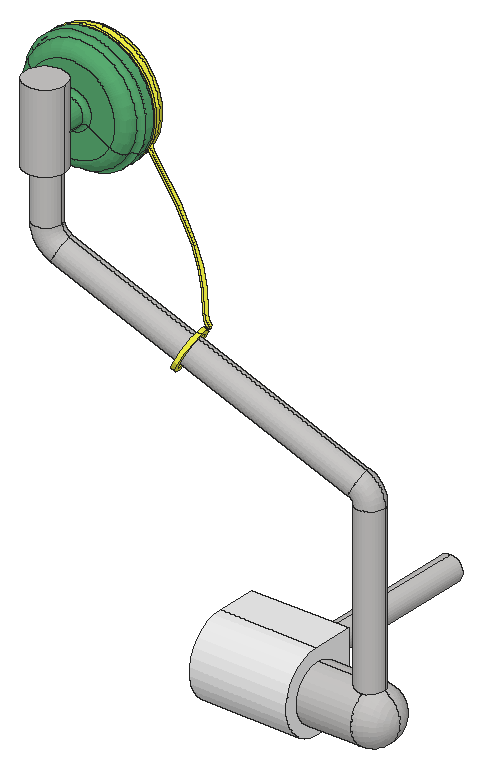
Revit family "Emergency_Equipment-Haws_Corporation-Laboratory_Eye_Face_Wash_7610S", category Plumbing Fixtures, Revit 2016
Family settings
  Part Type = Normal
  Round Connector Dimension = Use Radius
  OmniClass Number = 23.45.05.14.24
  OmniClass Title = Eye Wash Fountains
  Work Plane-Based = No
  Always vertical = Yes
  Cut with Voids When Loaded = No
  Shared = Yes
  Room Calculation Point = No
Parameters (values of type "7610S - Wall Mount")
  Youtube clip = ""
  Weight Net (Kg) = "7"
  Wall Mounted = yes
  Uniformat II Description = ""
  Uniformat II Code = ""
  Uniclass 2015 Name = ""
  Uniclass 2015 Code = ""
  Uniclass 2.0 Description = ""
  Uniclass 2.0 Code = ""
  Uniclass 1.4 Description = ""
  Uniclass 1.4 Code = ""
  UNSPSC Code = ""
  Technical description = "http://www.hawsco.com/downloads/dl/file/id/15376/haws_model_7610_specsheet_pdf.pdf"
  Supply Radius = 1/4"  # constant formula
  Sink - Reference [instance] = yes
  Region South America = "None"
  Region Oceania = "None"
  Region North America = "CA, US"
  Region Middle East = "None"
  Region Europe = "None"
  Region Asia = "None"
  Region Antarctica = "None"
  Region Africa = "None"
  QR code = ""
  Product url = "https://www.hawsco.com/eye-face-wash-pull-down/"
  Product group = "Emergency Equipment - Showers & Eyewashes - Barrier Free Emergency Equipment"
  Product family = "Eye Wash Fountains"
  Product data url = "https://bimobject.com/hawscorporation/product/haws-7610"
  Product certification = "http://www.csagroup.org/services-industries/product-listing/certificate/?103344_C_000-6801-80"
  Product SKU = "haws-7610S"
  Product Page URL = "http://www.hawsco.com/eye-face-wash-pull-down"
  Product Guid = "216d7893-b5c2-4b38-964f-7053b416086d"
  Product Documentation Link = "http://www.hawsco.com/downloads/dl/file/id/14640/haws_model_7610_specsheet_pdf.pdf"
  On Position = no
  OmniClass Description = "Combination Emergency Eye Wash Stations"
  OmniClass Code = "23-29 37 13 15"
  Off Position = not(On Position)  # yes
  Nominal width = 9"
  Nominal height = 14"
  NBS Reference Description = ""
  NBS Reference Code = ""
  Material secondary = ""
  Material main = "Metal"
  Material = ""
  Masterformat 2014 Description = "Eye/Face Wash Equipment"
  Masterformat 2014 Code = "22 45 26"
  Manufacturer name = "Haws Corporation"
  Manufacturer country = "United States"
  Installation instructions = "http://www.hawsco.com/downloads/dl/file/id/422/in7610.pdf"
  IFC Classification = ""
  Flow = 12 GPM
  Waste Connection = no
  WFU = 1
  Vent Connection = no
  URL = "http://www.hawsco.com/"
  Type Comments = "Pull down eye/face wash are installed in accessible sink "  # constant formula
  Lever Wide = 10 1/2"  # constant formula
  Series = "Twin Feather-Flo® heads "  # constant formula
  Eye Head = Metal - Haws Corporation - Green Powder Coating
  Model = "7610"  # constant formula
  Manufacturer = "Haws Corporation 1455 Kleppe Lane Sparks, NV 89431"  # constant formula
  Keynote = "15400"
  HWFU = 1
  HW Connection = yes
  Edition number = 1
  EAN code = "https://611970347691"
  Design country = "United States"
  Description = "Extended-length pull down arms are designed to accommodate wheel chair access"  # constant formula
  Deck Mounted = no
  Date of publishing = "6/4/2019"
  Cost Note = "For Cost information please visit the Resource tab in the Product Page URL"  # constant formula
  Cost = 0
  CWFU = 1
  Head Height = 4"  # constant formula
  Goose neck Clearance = 6"  # constant formula
  CW Connection = yes
  COBIe Type Category = ""
  Brand url = "https://www.hawsco.com"
  BIMobject main category code = "sanitary"
  BIMobject main category = "Sanitary"
  BIMobject category code = "sanitary-sanitary-other"
  BIMobject category = "Other"
  Assembly Code = "D2010610"
Types (2): name | Wall Mounted | Deck Mounted
  7610S - Wall Mount | yes | no
  7610S - Deck Mount | no | yes
Reference planes (in)
  plane 1 "Center (Front/Back)": y = 0
  plane 2 "Sink Bottom": z = 22.25
  plane 3 "Center (Left/Right)": x = 0
  plane 4 "Sink top": z = 30
  plane 5 "Goose Neck": y = -5.56607
  plane 6 "Eye Head": y = -19.31641
  plane 7 "Rotation": z = 30.983
  plane 8 "Arm": x = 10.48903
  plane 9 "Head Center": x = 4.49147
  plane 10 "Left": x = -12
  plane 11 "Right": x = 12.07538
  plane 12 "Sink Back": y = -4.27871
  plane 13 "Sink Front": y = -24.3541
Forms (in)
  Revolve 1, solid, material "Metal - Haws Corporation - High Polished Stainless Steel", detail levels medium+fine
    sketch origin (0, -5.56607, -0.30197) x (0, 0, -1) y (1, 0, 0)
      loop
        line (-31.98416, 10.57801) -> (-31.98416, 9.15041) -> (-31.28497, 9.15041) -> (-31.28497, 11.2772)
        arc (-31.28497, 11.2772) -> (-31.77937, 11.07241) -> (-31.98416, 10.57801) r 0.69918
      axis (-31.28497, 11.2772) -> (-31.28497, 9.15041)
    angle from 0 to 360
  Revolve 2, solid, material "Metal - Haws Corporation - Galvanized Steel", visible <- "Deck Mounted", detail levels fine
    sketch origin (0, -5.56607, 0) x (0, 0, -1) y (1, 0, 0)
      loop
        line (-30, 7.92254) -> (-25.2314, 7.92254) -> (-25.2314, 8.23504) -> (-29.66262, 8.23504) -> (-29.66262, 8.79754) -> (-29.79937, 8.79754) -> (-29.79937, 8.26629) -> (-30, 8.26629) -> (-30, 7.92254)
      axis (-30, 7.92254) -> (-25.2314, 7.92254)
    angle from 0 to 360
  Extrusion 3, solid, material "Metal - Haws Corporation - Polished Chrome", visible <- "Deck Mounted"
    sketch origin (0, 0, 0) x (0, 1, 0) y (0, 0, 1)
      loop
        line (-4.56607, 30) -> (-4.56607, 31)
        arc (-4.56607, 31) -> (-5.56607, 32) -> (-6.56607, 31) r 1
        line (-6.56607, 31) -> (-6.56607, 30) -> (-4.56607, 30)
    from 6.67913 to 9.15041
  Extrusion 4, solid, material "Metal - Haws Corporation - Polished Chrome", visible <- "Wall Mounted"
    sketch origin (0, 0, 0) x (0, 1, 0) y (0, 0, 1)
      loop
        line (-4.56607, 32) -> (-5.56607, 32)
        arc (-5.56607, 32) -> (-6.56607, 31) -> (-5.56607, 30) r 1
        line (-5.56607, 30) -> (-4.56607, 30) -> (-4.56607, 32)
    from 6.67913 to 9.15041
  Revolve 5, solid, material "Metal - Haws Corporation - Galvanized Steel", visible <- "Wall Mounted", detail levels fine
    sketch origin (7.9467, 25.43405, 38.78824) x (0, 1, 0) y (0, 0, -1)
      loop
        line (-30, 7.92254) -> (-25.2314, 7.92254) -> (-25.2314, 8.23504) -> (-29.66262, 8.23504) -> (-29.66262, 8.79754) -> (-29.79937, 8.79754) -> (-29.79937, 8.26629) -> (-30, 8.26629) -> (-30, 7.92254)
      axis (-30, 7.92254) -> (-25.2314, 7.92254)
    angle from 0 to 360
Lines and regions (in)
  Masking region 1, visible <- "Sink - Reference", detail levels medium+fine
    outline origin (0, 0, 0) x (1, 0, 0) y (0, 1, 0)
      loop
        line (1.6575, -4.79107) -> (-1.6575, -4.79107) -> (-1.6575, -6.34107) -> (1.6575, -6.34107) -> (1.6575, -4.79107)
  Masking region 2, visible <- "Sink - Reference", detail levels fine
    outline origin (0, 0, 0) x (1, 0, 0) y (0, 1, 0)
      loop
        line (-0.3125, -6.34107) -> (-0.3125, -11.56607)
        arc (-0.3125, -11.56607) -> (0, -11.87857) -> (0.3125, -11.56607) r 0.3125
        line (0.3125, -11.56607) -> (0.3125, -6.34107) -> (-0.3125, -6.34107)
  Masking region 3
    outline origin (0, 0, 0) x (1, 0, 0) y (0, 1, 0)
      loop
        line (9.15041, -4.56607) -> (6.67913, -4.56607) -> (6.67913, -6.56607) -> (9.15041, -6.56607) -> (9.15041, -4.56607)
  Masking region 4
    outline origin (0, 0, 0) x (1, 0, 0) y (0, 1, 0)
      loop
        line (9.15041, -4.86688) -> (9.15041, -6.26525) -> (10.58802, -6.26525)
        arc (10.58802, -6.26525) -> (11.28721, -5.56607) -> (10.58802, -4.86688) r 0.69918
        line (10.58802, -4.86688) -> (9.15041, -4.86688)
  Masking region 5, visible <- "On Position", detail levels fine
    outline origin (0, 0, 0) x (1, 0, 0) y (0, 1, 0)
      loop
        arc (10.16406, -10.13807) -> (10.09793, -10.38658) -> (9.91704, -10.56935) r 0.5
        line (9.91704, -10.56935) -> (3.67545, -14.23041)
        arc (3.67545, -14.23041) -> (3.31366, -14.59596) -> (3.1814, -15.09297) r 1
        line (3.1814, -15.09297) -> (3.1814, -15.84361)
        arc (3.1814, -15.84361) -> (3.5256, -18.83001) -> (3.86981, -15.84361) r 1.51304
        line (3.86981, -15.84361) -> (3.86981, -15.1291)
        arc (3.86981, -15.1291) -> (3.90287, -15.00485) -> (3.99332, -14.91346) r 0.25
        line (3.99332, -14.91346) -> (10.2312, -11.25457)
        arc (10.2312, -11.25457) -> (10.68345, -10.79764) -> (10.84877, -10.17637) r 1.25
        line (10.84877, -10.17637) -> (10.84877, -6.21481)
        arc (10.84877, -6.21481) -> (10.72082, -6.25253) -> (10.58802, -6.26525) r 0.69918
        line (10.58802, -6.26525) -> (10.16406, -6.26525) -> (10.16406, -10.13807)
  Masking region 6, visible <- "Off Position", detail levels medium+fine
    outline origin (0, 0, 0) x (1, 0, 0) y (0, 1, 0)
      loop
        arc (10.16406, -10.13807) -> (10.09793, -10.38658) -> (9.91704, -10.56935) r 0.5
        line (9.91704, -10.56935) -> (3.67545, -14.23041)
        arc (3.67545, -14.23041) -> (3.31366, -14.59596) -> (3.1814, -15.09297) r 1
        line (3.1814, -15.09297) -> (3.1814, -15.84361)
        arc (3.1814, -15.84361) -> (3.5256, -18.79125) -> (3.86981, -15.84361) r 1.49391
        line (3.86981, -15.84361) -> (3.86981, -15.1291)
        arc (3.86981, -15.1291) -> (3.90287, -15.00485) -> (3.99332, -14.91346) r 0.25
        line (3.99332, -14.91346) -> (10.2312, -11.25457)
        arc (10.2312, -11.25457) -> (10.68345, -10.79764) -> (10.84877, -10.17637) r 1.25
        line (10.84877, -10.17637) -> (10.84877, -6.21481)
        arc (10.84877, -6.21481) -> (10.72082, -6.25253) -> (10.58802, -6.26525) r 0.69918
        line (10.58802, -6.26525) -> (10.16406, -6.26525) -> (10.16406, -10.13807)
  symbolic lines, style "PlumbingFixturesHiddenLines", visible <- "Sink - Reference", detail levels coarse
    curve 1: circle (0, -5.56607, 0) r 0.53 normal (0, 0, 1)
  symbolic lines, style "PlumbingFixturesHiddenLines", visible <- "Sink - Reference", detail levels medium+fine
    curve 2: arc (-9.01238, -9.34158, 0) -> (-8.40239, -7.86891, 0) -> (-6.92972, -7.25892, 0) r 2.08266
    curve 3: arc (9.07488, -9.34158, 0) -> (8.46489, -7.86891, 0) -> (6.99222, -7.25892, 0) r 2.08266
    curve 4: line (6.99222, -7.25892, 0) -> (-6.92972, -7.25892, 0)
    curve 5: arc (-9.01238, -20.2959, 0) -> (-8.40239, -21.76857, 0) -> (-6.92972, -22.37857, 0) r 2.08266
    curve 6: arc (9.07488, -20.2959, 0) -> (8.46489, -21.76857, 0) -> (6.99222, -22.37857, 0) r 2.08266
    curve 7: line (-9.01238, -9.34158, 0) -> (-9.01238, -20.2959, 0)
    curve 8: line (-6.92972, -22.37857, 0) -> (6.99222, -22.37857, 0)
    curve 9: line (9.07488, -20.2959, 0) -> (9.07488, -9.34158, 0)
  symbolic lines, style "PlumbingFixturesHiddenLines", visible <- "Sink - Reference", detail levels fine
    curve 10: circle (0.02714, -15.27759, 0) r 1 normal (0, 0, 1)
  symbolic lines, style "Symbolic line", visible <- "Off Position", detail levels medium+fine
    curve 11: line (3.13288, -6.85994, 0) -> (3.13288, -6.4778, 0)
    curve 12: arc (3.13288, -6.4778, 0) -> (3.08638, -6.40069, 0) -> (3.00238, -6.36829, 0) r 0.13891
    curve 13: line (3.00238, -6.36829, 0) -> (2.37376, -6.36829, 0)
    curve 14: arc (2.37376, -6.36829, 0) -> (2.16041, -6.27992, 0) -> (2.07203, -6.06657, 0) r 0.30173
    curve 15: arc (2.07203, -6.06657, 0) -> (2.03457, -5.9724, 0) -> (1.94267, -5.92968, 0) r 0.13711
    curve 18: line (3.86234, -6.60766, 0) -> (3.86234, -6.4778, 0)
    curve 19: arc (3.86234, -6.4778, 0) -> (3.90883, -6.40069, 0) -> (3.99284, -6.36829, 0) r 0.13891
    curve 20: line (3.99284, -6.36829, 0) -> (4.62145, -6.36829, 0)
    curve 21: arc (4.62145, -6.36829, 0) -> (4.83481, -6.27992, 0) -> (4.92318, -6.06657, 0) r 0.30173
    curve 22: arc (4.92318, -6.06657, 0) -> (4.96064, -5.9724, 0) -> (5.05254, -5.92968, 0) r 0.13711
    curve 23: line (5.05254, -5.92968, 0) -> (5.05254, -5.58608, 0)
    curve 24: line (5.02186, -5.58608, 0) -> (5.05254, -5.58608, 0)
    curve 25: circle (3.47561, -7.20201, 0) r 0.49979 normal (0, 0, 1)
    curve 28: arc (1.97335, -5.42505, 0) -> (2.02164, -5.314, 0) -> (2.13579, -5.27358, 0) r 0.15184
    curve 29: line (2.13579, -5.27358, 0) -> (3.49761, -5.00887, 0)
    curve 30: line (5.02186, -5.58608, 0) -> (5.02186, -5.42505, 0)
    curve 31: arc (5.02186, -5.42505, 0) -> (4.97357, -5.314, 0) -> (4.85943, -5.27358, 0) r 0.15184
    curve 32: line (4.85943, -5.27358, 0) -> (3.49761, -5.00887, 0)
  symbolic lines, style "Symbolic line", visible <- "Sink - Reference", detail levels medium+fine
    curve 16: line (1.94267, -5.92968, 0) -> (1.94267, -5.58608, 0)
    curve 17: line (1.97335, -5.58608, 0) -> (1.94267, -5.58608, 0)
    curve 27: line (1.97335, -5.58608, 0) -> (1.97335, -5.42505, 0)
  symbolic lines, style "Symbolic line", visible <- "Off Position", detail levels fine
    curve 26: line (3.47227, -6.70223, 0) -> (10.51323, -4.99509, 0)
    curve 33: line (3.70154, -7.64782, 0) -> (10.7425, -5.94068, 0)
  symbolic lines, style "PlumbingFixturesHiddenLines", visible <- "On Position", detail levels medium+fine
    curve 34: line (3.13288, -6.85994, 0) -> (3.13288, -6.4778, 0)
    curve 35: arc (3.13288, -6.4778, 0) -> (3.08638, -6.40069, 0) -> (3.00238, -6.36829, 0) r 0.13891
    curve 36: line (3.00238, -6.36829, 0) -> (2.37376, -6.36829, 0)
    curve 37: arc (2.37376, -6.36829, 0) -> (2.16041, -6.27992, 0) -> (2.07203, -6.06657, 0) r 0.30173
    curve 38: arc (2.07203, -6.06657, 0) -> (2.03457, -5.9724, 0) -> (1.94267, -5.92968, 0) r 0.13711
    curve 39: line (1.94267, -5.92968, 0) -> (1.94267, -5.58608, 0)
    curve 40: line (1.97335, -5.58608, 0) -> (1.94267, -5.58608, 0)
    curve 41: line (3.86234, -6.60766, 0) -> (3.86234, -6.4778, 0)
    curve 42: arc (3.86234, -6.4778, 0) -> (3.90883, -6.40069, 0) -> (3.99284, -6.36829, 0) r 0.13891
    curve 43: line (3.99284, -6.36829, 0) -> (4.62145, -6.36829, 0)
    curve 44: arc (4.62145, -6.36829, 0) -> (4.83481, -6.27992, 0) -> (4.92318, -6.06657, 0) r 0.30173
    curve 45: arc (4.92318, -6.06657, 0) -> (4.96064, -5.9724, 0) -> (5.05254, -5.92968, 0) r 0.13711
    curve 46: line (5.05254, -5.92968, 0) -> (5.05254, -5.58608, 0)
    curve 47: line (5.02186, -5.58608, 0) -> (5.05254, -5.58608, 0)
    curve 48: circle (3.47561, -7.20201, 0) r 0.49979 normal (0, 0, 1)
    curve 49: line (3.47227, -6.70223, 0) -> (10.51323, -4.99509, 0)
    curve 50: line (1.97335, -5.58608, 0) -> (1.97335, -5.42505, 0)
    curve 51: arc (1.97335, -5.42505, 0) -> (2.02164, -5.314, 0) -> (2.13579, -5.27358, 0) r 0.15184
    curve 52: line (2.13579, -5.27358, 0) -> (3.49761, -5.00887, 0)
    curve 53: line (5.02186, -5.58608, 0) -> (5.02186, -5.42505, 0)
    curve 54: arc (5.02186, -5.42505, 0) -> (4.97357, -5.314, 0) -> (4.85943, -5.27358, 0) r 0.15184
    curve 55: line (4.85943, -5.27358, 0) -> (3.49761, -5.00887, 0)
    curve 56: line (3.70154, -7.64782, 0) -> (10.7425, -5.94068, 0)
  symbolic lines, style "Syphon", visible <- "Off Position", detail levels medium+fine
    curve 57: line (1.94267, -5.92968, 0) -> (1.94267, -5.58608, 0)
    curve 58: line (1.97335, -5.58608, 0) -> (1.94267, -5.58608, 0)
    curve 59: line (1.97335, -5.58608, 0) -> (1.97335, -5.42505, 0)
    curve 63: line (3.86234, -6.60766, 0) -> (3.86234, -6.4778, 0)
    curve 64: line (3.47227, -6.70223, 0) -> (10.51323, -4.99509, 0)
    curve 65: line (3.70154, -7.64782, 0) -> (10.7425, -5.94068, 0)
  symbolic lines, style "PlumbingFixturesHiddenLines", detail levels fine
    curve 60: circle (3.51323, -17.26661, 0) r 5 normal (0, 0, 1)
  symbolic lines, style "Symbolic line"
    curve 61: line (7.9467, -5.06607, 0) -> (7.9467, -6.14161, 0)
    curve 62: line (7.33069, -5.56607, 0) -> (8.58069, -5.56607, 0)
  symbolic lines, style "PlumbingFixturesHiddenLines", visible <- "On Position", detail levels fine
    curve 66: arc (10.51323, -4.99509, 0) -> (11.10066, -5.35325, 0) -> (10.7425, -5.94068, 0) r 0.48649
  symbolic lines, style "Syphon", visible <- "Off Position", detail levels fine
    curve 67: arc (10.51323, -4.99509, 0) -> (11.10066, -5.35325, 0) -> (10.7425, -5.94068, 0) r 0.48649
Dimensions and locks (in)
  plane 2 "Sink Bottom" to Revolve 1 sketch curve to Revolve 1 sketch curve to Revolve 1 sketch curve to Revolve 1 sketch curve = 8.733" locked, 0" locked, 0.69918" locked, 0" locked
  Revolve 1 sketch curve to Revolve 1 sketch curve to Revolve 1 sketch curve to Revolve 1 sketch curve to plane 3 "Center (Left/Right)" = 0.69918" locked, 1.42761" locked, 0" locked, 9.15041" locked
  locked: plane 9 "Head Center" to Revolve 1 sketch curve at 4.65893
  plane 2 "Sink Bottom" to Revolve 1 sketch curve to Revolve 1 sketch curve = 9.43219" locked, 0" locked
  level to Revolve 1 sketch curve to Revolve 1 sketch curve to Revolve 1 sketch curve = 30.983" locked, 0" locked, 0" locked
  plane 2 "Sink Bottom" to Revolve 2 sketch curve to Revolve 2 sketch curve to Revolve 2 sketch curve to Revolve 2 sketch curve = 2.9814" locked, 0" locked, 4.7686" locked, 0" locked
  Revolve 2 sketch curve to Revolve 2 sketch curve to Revolve 2 sketch curve to plane 3 "Center (Left/Right)" = 0" locked, 0" locked, 7.92254" locked
  Revolve 2 sketch curve to plane 7 "Rotation" to Revolve 2 sketch curve = 5.75161" locked, 2.267" locked
  plane 9 "Head Center" to Revolve 2 sketch curve to Revolve 2 sketch curve = 3.43107" locked, 0" locked
  Revolve 2 sketch curve to Revolve 2 sketch curve to Revolve 2 sketch curve to Revolve 2 sketch curve to Revolve 2 sketch curve to plane 3 "Center (Left/Right)" = 0" locked, 17/32" locked, 1/32" locked, 0" locked, 8.23504" locked
  plane 9 "Head Center" to Revolve 2 sketch curve to Revolve 2 sketch curve to Revolve 2 sketch curve to Revolve 2 sketch curve to Revolve 2 sketch curve = 3.43107" locked, 0" locked, 0" locked, 0" locked, 5/16" locked
  plane 11 "Right" to plane 3 "Center (Left/Right)" to plane 10 "Left" = 12.07538" locked, 12" locked
  plane 13 "Sink Front" to plane 12 "Sink Back" to plane 1 "Center (Front/Back)" = 20.07538" locked, 4.27871" locked
  locked: nested 1 to plane 13 "Sink Front" at 12
  locked: plane 7 "Rotation" to level at 30.983
  locked: plane 4 "Sink top" to level at 30
  locked: plane 2 "Sink Bottom" to level at 22.25
  Revolve 5 sketch curve to Revolve 5 sketch curve to Revolve 5 sketch curve to Revolve 5 sketch curve = 0" locked, 4.7686" locked, 0" locked
  Revolve 5 sketch curve to Revolve 5 sketch curve to Revolve 5 sketch curve = 0" locked, 0" locked
  Revolve 5 sketch curve to Revolve 5 sketch curve = 8.0186"
  locked: Revolve 5 sketch curve to Revolve 5 sketch curve at 0
  Revolve 5 sketch curve to Revolve 5 sketch curve to Revolve 5 sketch curve to Revolve 5 sketch curve to Revolve 5 sketch curve = 0" locked, 17/32" locked, 1/32" locked, 0" locked
  Revolve 5 sketch curve to Revolve 5 sketch curve to Revolve 5 sketch curve to Revolve 5 sketch curve to Revolve 5 sketch curve = 0" locked, 0" locked, 0" locked, 5/16" locked
  curve 62 to curve 62 = 1 1/4"
  radius of curve 25 = 0.49979"
Nested families (in)
  nested 1: "Notation" at (3.16959, -36.3541, 0) x (-1, 0, 0) z (0, 0, 1), type "Notation", detail levels coarse+medium
  nested 2: "Eye Head Arm-short" at (-0.9887, 1.81449, 1.39887), visible <- "On Position", type "Eye Head Arm-short", detail levels fine
  nested 3: "Eye Head Arm-short" at (-0.9887, -35.11723, 23.63195) x (1, 0, 0) z (0, 1, 0), visible <- "Off Position", type "Eye Head Arm-short", detail levels fine
Connectors (in)
  piping at (10.51383, -6.14161, 30.9403), diameter 0.5, driven by "Flow"
    settings: on nested 2, index 4, connector inside diameter 24", connector length 0", flow factor 0, pipe flow 12 GPM, pressure drop 0.00 psi, fitting loss kfactor 0, connector angle 0.00°, fixture units 0, engagement length 0", angle of deflection 0.00°, flow configuration 0, flow direction 1, fitting loss method 0, system type 20, joint type 0, gender type 0, connector reference index -1, connector utility 0, adjustable connector no, is connector primary yes, connector description "Eye Wash Inlet supply is 1/2\" O.D. slip joint"
Definition of nested family "Eye Head Arm-short"
  Parameters (values of type "Eye Head Arm-short")
    Eye Head = none
    Duct Covers = none
    Default Elevation = 48"
  Reference planes (in)
    plane 1 "Center (Front/Back)": y = 0
    plane 2: z = 0
    plane 3 "Center (Left/Right)": x = 0
    plane 4 "Bottom": z = 27.86986
    plane 5: z = 29.86986
    plane 6 "Center of Tube": z = 29.61986
    plane 7 "Center of Wash": x = 4.50193
    plane 8 "Center of Mount": x = 11.50193
    plane 9: y = -19.0811
    plane 10: y = -16.5811
    plane 11: y = -12.5811
    plane 12: y = -7.9561
  Forms (in)
    Extrusion 1, solid
      sketch origin (0, 0, 0) x (1, 0, 0) y (0, 0, 1)
        loop
          circle (4.47278, 27.9189) r 0.5
      from 18.16584 to 20.15353
    Revolve 2, solid, material <- "Eye Head", detail levels medium+fine
      sketch origin (4.48035, -19.08138, 22.20986) x (-0.87462, -0.48481, 0) y (0, 0, 1)
        loop
          arc (-0.5, 6.54371) -> (-0.41161, 6.5071) -> (-0.375, 6.41871) r 0.125
          line (-0.375, 6.41871) -> (-0.375, 5.66) -> (-0.3125, 5.66) -> (-0.3125, 6.41871)
          arc (-0.3125, 6.41871) -> (-0.36742, 6.55129) -> (-0.5, 6.60621) r 0.1875
          line (-0.5, 6.60621) -> (-1.125, 6.60621)
          arc (-1.125, 6.60621) -> (-1.30178, 6.67944) -> (-1.375, 6.85621) r 0.25
          arc (-1.375, 6.85621) -> (-1.40941, 6.96446) -> (-1.5, 7.03299) r 0.1875
          line (-1.5, 7.03299) -> (-1.5, 7.23121)
          arc (-1.5, 7.23121) -> (-1.53125, 7.26246) -> (-1.5625, 7.23121) r 0.03125
          line (-1.5625, 7.23121) -> (-1.5625, 6.98121)
          arc (-1.5625, 6.98121) -> (-1.47411, 6.9446) -> (-1.4375, 6.85621) r 0.125
          arc (-1.4375, 6.85621) -> (-1.34597, 6.63524) -> (-1.125, 6.54371) r 0.3125
          line (-1.125, 6.54371) -> (-0.5, 6.54371)
        axis (0, 5.66) -> (0, 7.23121)
      angle from 0 to 360
    Revolve 3, solid, material <- "Duct Covers", detail levels fine
      sketch origin (4.48035, -19.08138, 22.20986) x (-0.87462, -0.48481, 0) y (0, 0, 1)
        loop
          line (0, 7.26231) -> (0, 7.32481) -> (-1.46932, 7.32481) -> (-1.46932, 7.48106)
          arc (-1.46932, 7.48106) -> (-1.43998, 7.54918) -> (-1.37033, 7.57466) r 0.09375
          line (-1.37033, 7.57466) -> (-0.39924, 7.76262)
          arc (-0.39924, 7.76262) -> (-0.34866, 7.78253) -> (-0.31763, 7.82717) r 0.09375
          line (-0.31763, 7.82717) -> (0, 7.85893) -> (0, 7.90293)
          arc (0, 7.90293) -> (-0.01368, 7.91529) -> (-0.03182, 7.91856) r 0.03357
          line (-0.03182, 7.91856) -> (-0.34432, 7.88731)
          arc (-0.34432, 7.88731) -> (-0.36641, 7.87816) -> (-0.37557, 7.85606) r 0.03125
          arc (-0.37557, 7.85606) -> (-0.38472, 7.83396) -> (-0.40682, 7.82481) r 0.03125
          line (-0.40682, 7.82481) -> (-1.37557, 7.63731)
          arc (-1.37557, 7.63731) -> (-1.48605, 7.59154) -> (-1.53182, 7.48106) r 0.15625
          line (-1.53182, 7.48106) -> (-1.53182, 7.32481)
          arc (-1.53182, 7.32481) -> (-1.56307, 7.29356) -> (-1.53182, 7.26231) r 0.03125
          line (-1.53182, 7.26231) -> (0, 7.26231)
        axis (0, 7.26231) -> (0, 7.91856)
      angle from 0 to 360
    Extrusion 4, solid, detail levels fine
      sketch origin (5.03606, -19.70564, 22.20986) x (-0.529919, -0.848048, 0) y (0, 0, 1)
        loop
          line (-1.52235, 7.27011) -> (-1.52235, 7.48821)
          arc (-1.52235, 7.48821) -> (-1.56697, 7.38559) -> (-1.67245, 7.34824) r 0.14031
          line (-1.67245, 7.34824) -> (-1.91545, 7.34824)
          arc (-1.91545, 7.34824) -> (-2.81687, 7.40637) -> (-3.71845, 7.35089) r 7.1818
          arc (-3.71845, 7.35089) -> (-4.40439, 7.17086) -> (-5.03401, 6.84452) r 3.208
          arc (-5.03401, 6.84452) -> (-5.16311, 6.78981) -> (-5.30329, 6.78634) r 0.375
          line (-5.30329, 6.78634) -> (-5.36445, 6.72517)
          arc (-5.36445, 6.72517) -> (-5.1944, 6.70621) -> (-5.03401, 6.76578) r 0.37
          arc (-5.03401, 6.76578) -> (-4.40439, 7.09212) -> (-3.71845, 7.27215) r 3.208
          arc (-3.71845, 7.27215) -> (-2.81939, 7.32825) -> (-1.92045, 7.27011) r 7.10368
          line (-1.92045, 7.27011) -> (-1.52235, 7.27011)
      from 0.03125 to -0.03125
    Extrusion 5, solid, material <- "Duct Covers", detail levels fine
      sketch origin (3.7022, -17.85393, 23.04825) x (-0.48481, 0.87462, 0) y (-0.136821, -0.075841, 0.987688)
        loop
          circle (0.80422, 4.70306) r 0.44621
        loop
          circle (0.80422, 4.70306) r 0.52434
      from 5.70023 to 5.80768
    Sweep 6, solid
      path origin (0.04993, 0, 26.89739) x (-0.97437, 0, -0.224951) y (0, -1, 0)
        loop
          line (-4.5737, 19.0811) -> (-4.5737, 16.9207)
          arc (-4.5737, 16.9207) -> (-4.6623, 16.59151) -> (-4.90416, 16.35126) r 0.65586
          line (-4.90416, 16.35126) -> (-11.5, 12.5822)
          arc (-11.5, 12.5822) -> (-11.68439, 12.39904) -> (-11.75193, 12.14808) r 0.5
          line (-11.75193, 12.14808) -> (-11.75193, 7.9561)
      profile origin (4.5064, -18.0009, 27.92624) x (-0.97437, 0, -0.224951) y (-0.224951, 0, 0.97437)
        loop
          circle (-0.00192, 0) r 0.34375
  Dimensions and locks (in)
    aligned and locked: Revolve 3 sketch curve to Revolve 3 sketch curve  (x2)
Definition of nested family "Notation"
  Parameters
    Notation = "L4"
  Reference planes (in)
    plane 1: y = 0
    plane 2: x = 0
  Text (in)
    label "Notation" at (0.20212, 0.03465, 0), shows "Notation"
